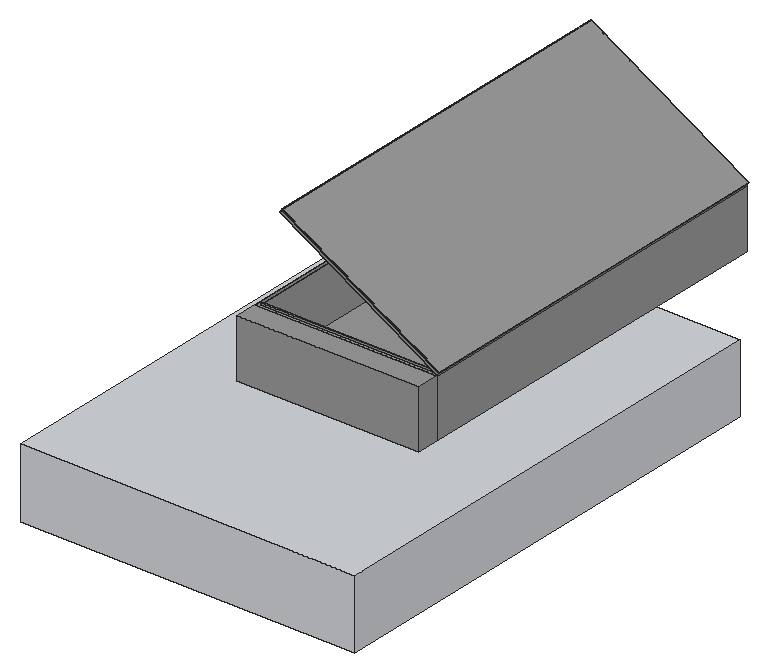
Revit family "Hager-Univers-IP55-D275-H1800-Cl.II-Steel_encl-NoHosted-DE-de", category Equipement électrique, Revit 2020
Family settings
  Hôte = Face
  Configuration du panneau = Deux colonnes, circuits au sein
  Cote de connecteur circulaire = Utiliser le diamètre
  Type d'élément = Tableau de raccordement
  Couper avec des vides une fois chargée = Non
  Partagée = Non
  Point de calcul de pièce = Non
Parameters (values of type "Bodenaufstellung IP55 B800 H1800 T275  - FR13S1")
  Width Control [instance] = if([EF000008 - Breite] > Min Width, [EF000008 - Breite], Min Width)  # 800 mm
  Commentaires du type = [HG000003 - Bereich]  # "Univers"
  Thickness Door [instance] = if([EF009171 - Materialstärke Tür/Deckel] > 3 mm, 3 mm, [EF009171 - Materialstärke Tür/Deckel])  # 1.5 mm
  Seal Frame Offset [instance] = 17 mm  # constant formula
  Plinth Visibility [instance] = [HG000027 - Sockelhöhe] > 0 mm  # yes
  Model = ""
  Min Width [instance] = 100 mm  # constant formula
  Min Height [instance] = 100 mm  # constant formula
  Min Depth [instance] = (2 * [EF009170 - Materialstärke Gehäuse]) + 1 mm  # 4 mm
  Internal Frame Depth [instance] = (Door System Depth * 0.5)  # 9 mm
  Height Control [instance] = if([EF000040 - Höhe] > Min Height, [EF000040 - Höhe], Min Height)  # 1800 mm
  HG000027 - Sockelhöhe = 100 mm
  HG000026 - Stehend auf dem Boden = yes
  HG000024 - Höhe des unteren Teils = 800 mm
  HG000023 - Gehäuse mit doppeltem Querschnitt = no
  HG000016 - 3D-Türsichtbarkeit [instance] = yes
  HG000015 - Sichtbarkeit der Türöffnung [instance] = no
  HG000014 - Tür rechts [instance] = yes
  HG000013 - Tür links [instance] = not([HG000014 - Tür rechts])  # no
  HG000012 - Türschwenkwinkel [instance] = 30.00°
  HG000010 - Asymmetrische Türen = no
  HG000009 - Doppelflügeligen Tür = no
  HG000006 - Unterputz = no
  HG000004 - Herstellerreferenz = "FR13S1"
  HG000003 - Bereich = "Univers"
  HG000002 - Mit tür = yes
  Frame Offset Bottom [instance] = 10 mm  # constant formula
  Frame Offset [instance] = 15 mm  # constant formula
  EF015940 - Deckel mit Überdruckentlastung = no
  EF011959 - Schutzart (NEMA) = ""
  EF009554 - Anzahl der Öffnungen für Flanschplatten = 6
  Fabricant = "Hager"  # constant formula
  EF009212 - Ausführung Deckel = "EV000116 - geschlossen"
  EF009171 - Materialstärke Tür/Deckel = 1.5 mm
  EF009170 - Materialstärke Gehäuse = 1.5 mm
  EF008873 - Nennstrom (In) = 800 A
  EF007800 - Geeignet für Blitzschutz = no
  EF006306 - Mit Schloss = no
  EF006244 - Transparenter Deckel/Tür = no
  EF005474 - Schutzart (IP) = "EV006420 - IP55"
  EF004464 - Art der Tür = "EV002646 - Einzel"
  EF004427 - Anzahl der Module = 396
  EF004293 - Schlagfestigkeit = "EV008784 - IK10"
  EF003532 - Geeignet für Außengebrauch = no
  EF002950 - Breite in Teilungseinheiten = 24
  EF001613 - Funktionserhalt = "EV000494 - ohne"
  EF001596 - Werkstoff des Gehäuses = "EV000179 - Stahl"
  EF001131 - Innentiefe = 275 mm
  EF001088 - Anbaumöglichkeit = yes
  EF000437 - Anzahl der Leitungseinführungen = 6
  EF000339 - Art der Abdeckung = "EV004216 - Tür"
  EF000266 - Anzahl der Reihen = 11
  EF000218 - Einbautiefe = 0 mm
  EF000118 - Mit Montageplatte = no
  EF000116 - RAL-Nummer = "7035"
  EF000049 - Tiefe = 275 mm
  EF000040 - Höhe = 1800 mm
  EF000008 - Breite = 800 mm
  EF000007 - Farbe = "EV000270 - grau"
  EF000003 - Montageart = "EV012274 - Bodenaufstellung"
  Door System Leaf Tolerance [instance] = 1.5 mm  # constant formula
  Door System Depth [instance] = 18 mm  # constant formula
  Door Height [instance] = Height Control - [HG000027 - Sockelhöhe]  # 1700 mm
  Depth Control [instance] = if([EF000049 - Tiefe] > Min Depth, [EF000049 - Tiefe], Min Depth)  # 275 mm
  Default Elevation = 0 mm
  Connector Offset [instance] = Height Control / 2  # 900 mm
  Bottom Top Plate Trim [instance] = 1.5 mm  # constant formula
  Plinth height Ctrl [instance] = if([HG000027 - Sockelhöhe] > 0 mm, [HG000027 - Sockelhöhe], 12 mm)  # 100 mm
Types (5, lengths in mm): name | Width Control | HG000010 - Asymmetrische Türen | HG000009 - Doppelflügeligen Tür | HG000004 - Herstellerreferenz | EF009554 - Anzahl der Öffnungen für Flanschplatten | EF004464 - Art der Tür | EF004427 - Anzahl der Module | EF000437 - Anzahl der Leitungseinführungen | EF000008 - Breite
  Bodenaufstellung IP55 B1050 H1800 T275  - FR14S1 | 1050 | yes | yes | "FR14S1" | 8 | "EV003602 - Doppel" | 528 | 8 | 1050
  Bodenaufstellung IP55 B1300 H1800 T275  - FR15S1 | 1300 | yes | yes | "FR15S1" | 10 | "EV003602 - Doppel" | 660 | 10 | 1300
  Bodenaufstellung IP55 B300 H1800 T275  - FR11S1 | 300 | no | no | "FR11S1" | 2 | "EV002646 - Einzel" | 132 | 2 | 300
  Bodenaufstellung IP55 B550 H1800 T275  - FR12S1 | 550 | no | no | "FR12S1" | 4 | "EV002646 - Einzel" | 264 | 4 | 550
  Bodenaufstellung IP55 B800 H1800 T275  - FR13S1 | 800 | no | no | "FR13S1" | 6 | "EV002646 - Einzel" | 396 | 6 | 800
Reference planes
  plane 1 "Center (Front/Back)": y = 0
  plane 2: z = 0
  plane 3 "Center (Left/Right)": x = 0
  plane 4: z = 275
  plane 5: y = 101.5
  plane 6: y = 950
  plane 7: y = 100
  plane 8: y = 1800
  plane 9: z = 0
  plane 10: x = -385
  plane 11: x = 385
  plane 12: x = 383.5
  plane 13: x = -383.5
  plane 14: y = 1798.5
  plane 15: x = -383
  plane 16: x = -400
  plane 17: x = 383
  plane 18: x = 400
  plane 19: x = 398.5
  plane 20: x = -398.5
  plane 21: y = 111.5
  plane 22: y = 1800
  plane 23: y = 1783.5
  plane 24: z = 257
  plane 25: z = 1.5
  plane 26: z = 255.5
  plane 27: z = 273.5
Forms (mm)
  Extrusion 1, solid
    sketch origin (0, 0, 0) x (1, 0, 0) y (0, 1, 0)
      loop
        line (-702.964, 1305) -> (-702.964, -811.445) -> (766.763, -811.445) -> (766.763, 1305) -> (-702.964, 1305)
    from 0 to -304.8
  Extrusion 2, solid, material "Hager_Steel_RAL7035_Light_Grey", visible <- "Plinth Visibility", detail levels medium+fine
    sketch origin (0, 0, 0) x (1, 0, 0) y (0, 1, 0)
      loop
        line (-400, 0) -> (400, 0) -> (400, 100) -> (-400, 100) -> (-400, 0)
    from 0 to 257
  Extrusion 3, solid, material "Hager_Steel_RAL7035_Light_Grey", detail levels medium+fine
    sketch origin (0, 0, 0) x (1, 0, 0) y (0, 1, 0)
      loop
        line (-400, 100) -> (400, 100) -> (400, 1800) -> (-400, 1800) -> (-400, 100)
    from 0 to 257
  Extrusion 4, void
    sketch origin (0, 0, 0) x (1, 0, 0) y (0, 1, 0)
      loop
        line (-398.5, 101.5) -> (398.5, 101.5) -> (398.5, 1798.5) -> (-398.5, 1798.5) -> (-398.5, 101.5)
    from 1.5 to 255.5
  Extrusion 5, void
    sketch origin (-381.607, -4572, 257) x (0, -1, 0) y (-1, 0, 0)
      loop
        line (-4683.5, 1.893) -> (-6355.5, 1.893) -> (-6355.5, -765.107) -> (-4683.5, -765.107) -> (-4683.5, 1.893)
    from 0 to 1.5 <- "EF009170 - Materialstärke Gehäuse"
  Extrusion 6, solid, material "Hager_Steel_RAL7035_Light_Grey", detail levels fine
    sketch origin (0, 0, 257) x (1, 0, 0) y (0, 1, 0)
      loop
        line (-383.5, 1783.5) -> (-383.5, 111.5) -> (383.5, 111.5) -> (383.5, 1783.5) -> (-383.5, 1783.5)
      loop
        line (-385, 110) -> (385, 110) -> (385, 1785) -> (-385, 1785) -> (-385, 110)
    from 0 to 9 <- "Internal Frame Depth"
  Extrusion 7, solid, material "Hager_Steel_RAL7035_Light_Grey", detail levels coarse
    sketch origin (0, 0, 0) x (1, 0, 0) y (0, 1, 0)
      loop
        line (-400, 0) -> (400, 0) -> (400, 1800) -> (-400, 1800) -> (-400, 0)
    from 0 to 275
  Sweep 8, void
    path in 3D
      loop
        line (-400, 100, 0) -> (400, 100, 0) -> (400, 100, 257) -> (-400, 100, 257) -> (-400, 100, 0)
    profile origin (-400, 100, 128.5) x (-1, 0, 0) y (0, -1, 0)
      loop
        line (0, 0) -> (0, 1.5) -> (-1.5, 1.5)
        arc (-1.5, 1.5) -> (-1.061, 0.439) -> (0, 0) r 1.5
Cuts and joins
  Extrusion 4, Extrusion 5 cuts Extrusion 3
  Sweep 8 cuts Extrusion 2
Lines and regions (mm)
  Masking region 1
    outline origin (0, 0, 0) x (1, 0, 0) y (0, 0, 1)
      loop
        line (-400, 275) -> (-400, 0) -> (400, 0) -> (400, 275) -> (-400, 275)
  Masking region 2, detail levels medium+fine
    outline origin (0, 140, 0) x (0, 1, 0) y (0, 0, 1)
      loop
        line (-40, 0) -> (1660, 0) -> (1660, 257) -> (-40, 257) -> (-40, 0)
  Masking region 3, not visible, detail levels medium+fine
    outline origin (0, 297.922, 0) x (0, 1, 0) y (0, 0, 1)
      loop
        line (663.578, 0) -> (703.578, 0) -> (703.578, 263.5)
        arc (703.578, 263.5) -> (700.649, 270.571) -> (693.578, 273.5) r 10
        line (693.578, 273.5) -> (663.578, 273.5) -> (663.578, 0)
  Masking region 4, detail levels coarse
    outline origin (0, 0, 180) x (0, 1, 0) y (0, 0, 1)
      loop
        line (0, -180) -> (1800, -180) -> (1800, 95) -> (0, 95) -> (0, -180)
  Masking region 5, visible <- "Plinth Visibility", detail levels medium+fine
    outline origin (0, 52.24, 12.345) x (0, 0, -1) y (0, 1, 0)
      loop
        line (10.845, 47.76) -> (-243.155, 47.76)
        arc (-243.155, 47.76) -> (-243.594, 46.699) -> (-244.655, 46.26) r 1.5
        line (-244.655, 46.26) -> (-244.655, -52.24) -> (12.345, -52.24) -> (12.345, 46.26)
        arc (12.345, 46.26) -> (11.285, 46.699) -> (10.845, 47.76) r 1.5
  Masking region 6, detail levels medium+fine
    outline origin (-381.607, -4572, 257) x (-1, 0, 0) y (0, -1, 0)
      loop
        line (18.393, -6372) -> (18.393, -4672) -> (-781.607, -4672) -> (-781.607, -6372) -> (18.393, -6372)
  Masking region 7, visible <- "Plinth Visibility", detail levels medium+fine
    outline origin (-381.607, -4727, 257) x (-1, 0, 0) y (0, -1, 0)
      loop
        arc (16.893, -4827) -> (17.332, -4825.939) -> (18.393, -4825.5) r 1.5
        line (18.393, -4825.5) -> (18.393, -4727) -> (-781.607, -4727) -> (-781.607, -4825.5)
        arc (-781.607, -4825.5) -> (-780.546, -4825.939) -> (-780.107, -4827) r 1.5
        line (-780.107, -4827) -> (16.893, -4827)
  Masking region 8, detail levels coarse
    outline origin (-442.548, -4669.526, 257) x (-1, 0, 0) y (0, -1, 0)
      loop
        line (-42.548, -6469.526) -> (-42.548, -4669.526) -> (-842.548, -4669.526) -> (-842.548, -6469.526) -> (-42.548, -6469.526)
  sketch lines
    curve 1: line (-400, 100, 257) -> (-400, 100, 0)
    curve 2: line (400, 100, 257) -> (-400, 100, 257)
    curve 3: line (400, 100, 257) -> (400, 100, 0)
    curve 4: line (-400, 100, 0) -> (400, 100, 0)
Dimensions and locks
  "Depth Control": plane 4 to Extrusion 1
  "HG000027 - Sockelhöhe": plane 1 "Center (Front/Back)" to plane 7
  "EF009170 - Materialstärke Gehäuse": plane 5 to plane 7
  locked: connector elem to plane 3 "Center (Left/Right)"
  equal spacing: plane 8, plane 6, plane 7
  locked: connector elem to plane 6
  "EF009170 - Materialstärke Gehäuse": plane 8 to plane 14
  "EF009170 - Materialstärke Gehäuse": plane 10 to plane 13
  "EF009170 - Materialstärke Gehäuse": plane 12 to plane 11
  "Frame Offset": plane 20 to plane 13
  "Frame Offset": plane 12 to plane 19
  "EF009170 - Materialstärke Gehäuse": plane 16 to plane 20
  "EF009170 - Materialstärke Gehäuse": plane 19 to plane 18
  "Seal Frame Offset": plane 16 to plane 15
  "Seal Frame Offset": plane 17 to plane 18
  "Frame Offset Bottom": plane 21 to plane 5
  "Frame Offset": plane 14 to plane 23
  equal spacing: plane 16, plane 3 "Center (Left/Right)", plane 18
  "Width Control": plane 16 to plane 18
  "EF009170 - Materialstärke Gehäuse": plane 4 to plane 27
  "EF009170 - Materialstärke Gehäuse": plane 24 to plane 26
  "EF009170 - Materialstärke Gehäuse": plane 25 to level
  "Door System Depth": plane 4 to plane 24
  "Height Control": plane 1 "Center (Front/Back)" to Extrusion 7 sketch curve
  "Height Control": Masking region 4 sketch curve to plane 1 "Center (Front/Back)"
  "Height Control": plane 1 "Center (Front/Back)" to plane 22
  "Bottom Top Plate Trim": profile plane to Sweep 8 sketch curve
  "Bottom Top Plate Trim": Sweep 8 sketch curve to profile plane
  "Plinth height Ctrl": plane 1 "Center (Front/Back)" to Extrusion 2 sketch curve
  "Plinth height Ctrl": Masking region 5 sketch curve to plane 1 "Center (Front/Back)"
  "Plinth height Ctrl": plane 1 "Center (Front/Back)" to Masking region 7 sketch curve
  "Thickness Door": Extrusion 6 sketch curve to Extrusion 6 sketch curve  (x3)
  "Thickness Door": cut or joined group of Extrusion 3, Extrusion 4, Extrusion 5 to Extrusion 6 sketch curve
  radius of Masking region 3 sketch curve = 10 mm
  "Bottom Top Plate Trim": radius of Masking region 5 sketch curve  (x2)
  "Bottom Top Plate Trim": radius of Sweep 8 sketch curve
  "Bottom Top Plate Trim": radius of Masking region 7 sketch curve  (x2)
  aligned and locked: plane 2 to Extrusion 1
  aligned and locked: level to Extrusion 1
  aligned and locked: level to Masking region 1 sketch curve
  aligned and locked: Masking region 1 sketch curve to plane 18
  aligned and locked: Masking region 1 sketch curve to plane 16
  aligned and locked: plane 7 to Masking region 2 sketch curve
  aligned and locked: level to Masking region 3 sketch curve
  aligned and locked: Masking region 3 sketch curve to plane 27
  aligned and locked: level to Masking region 2 sketch curve
  aligned and locked: plane 1 "Center (Front/Back)" to Extrusion 2 sketch curve
  aligned and locked: Extrusion 3 sketch curve to plane 7
  aligned and locked: plane 16 to Extrusion 3 sketch curve
  aligned and locked: plane 18 to Extrusion 3 sketch curve
  aligned and locked: plane 20 to Extrusion 4 sketch curve
  aligned and locked: plane 19 to Extrusion 4 sketch curve
  aligned and locked: Extrusion 4 sketch curve to plane 5
  aligned and locked: Extrusion 4 to plane 25
  aligned and locked: plane 26 to Extrusion 4
  aligned and locked: plane 24 to Extrusion 3
  aligned and locked: Extrusion 5 sketch curve to plane 21
  aligned and locked: Extrusion 5 sketch curve to plane 13
  aligned and locked: Extrusion 5 sketch curve to plane 12
  aligned and locked: plane 18 to Extrusion 7 sketch curve
  aligned and locked: plane 1 "Center (Front/Back)" to Extrusion 7 sketch curve
  aligned and locked: plane 16 to Extrusion 7 sketch curve
  aligned and locked: plane 4 to Extrusion 7
  aligned and locked: Extrusion 7 to level
  aligned and locked: level to Masking region 4 sketch curve
  aligned and locked: Masking region 4 sketch curve to plane 1 "Center (Front/Back)"
  aligned and locked: Masking region 4 sketch curve to plane 4
  aligned and locked: nested 1 to level
  aligned and locked: nested 1 to plane 16
  aligned and locked: plane 8 to Extrusion 3 sketch curve
  aligned and locked: plane 23 to Extrusion 5 sketch curve
  aligned and locked: plane 14 to Extrusion 4 sketch curve
  aligned and locked: Masking region 2 sketch curve to plane 8
  aligned and locked: level to Masking region 5 sketch curve
  aligned and locked: plane 16 to Extrusion 2 sketch curve
  aligned and locked: plane 18 to Extrusion 2 sketch curve
  aligned and locked: Masking region 5 sketch curve to plane 24
  aligned and locked: Masking region 2 sketch curve to plane 24
  aligned and locked: plane 24 to Extrusion 2
  aligned and locked: profile plane to Sweep 8 sketch curve  (x2)
  aligned and locked: Masking region 6 sketch curve to plane 18
  aligned and locked: Masking region 6 sketch curve to plane 22
  aligned and locked: Masking region 6 sketch curve to plane 16
  aligned and locked: plane 8 to plane 22
  aligned and locked: Masking region 6 sketch curve to plane 7
  aligned and locked: Masking region 7 sketch curve to plane 16
  aligned and locked: Masking region 7 sketch curve to plane 1 "Center (Front/Back)"
  aligned and locked: Masking region 7 sketch curve to plane 18
  aligned and locked: Masking region 8 sketch curve to plane 1 "Center (Front/Back)"
  aligned and locked: Masking region 8 sketch curve to plane 18
  aligned and locked: Masking region 8 sketch curve to plane 22
  aligned and locked: Masking region 8 sketch curve to plane 16
  aligned and locked: nested 2 to plane 7
  aligned and locked: plane 3 "Center (Left/Right)" to nested 2
  aligned and locked: nested 2 to plane 24
  aligned and locked: Extrusion 6 sketch curve to cut or joined group of Extrusion 3, Extrusion 4, Extrusion 5  (x4)
Automatic sketch dimensions
  Extrusion 1 sketch curve to Extrusion 1 sketch curve = 1469.727 mm
  Extrusion 1 sketch curve to Extrusion 1 sketch curve = 2116.445 mm
  Masking region 1 sketch curve to plane 4 = 0 mm
  plane 6 to Masking region 3 sketch curve = 11.5 mm
  Masking region 3 sketch curve to Masking region 3 sketch curve = 30 mm
  Masking region 5 sketch curve to plane 1 "Center (Front/Back)" = 0 mm
Nested families
  nested 1: "Hager_Enclosure_Symbol" at (-400, 0, 0) x (1, 0, 0) z (0, -1, 0), Height <- "Depth Control", Width <- "Width Control", type "Hager_Enclosure_Symbol"
    with Width_Ctrl 800 mm, Width 800 mm, Height_Ctrl 275 mm, Height 275 mm, A_Width_Int 18.047 mm, A_Width 216.562 mm, A_Height_Ctrl 240.625 mm, A_Height 240.625 mm
  nested 2: "EC000058_Univers_Door" at (0, 100, 257) x (1, 0, 0) z (0, 1, 0), Leaf_Tolerance <- "Door System Leaf Tolerance", Angle <- "HG000012 - Türschwenkwinkel", Door_Depth <- "Door System Depth", Door_Left <- "HG000013 - Tür links", Transparent <- "EF006244 - Transparenter Deckel/Tür", Assymetrical <- "HG000010 - Asymmetrische Türen", Width <- "Width Control", Clearance <- "HG000015 - Sichtbarkeit der Türöffnung", Double <- "HG000009 - Doppelflügeligen Tür", 3d_Door <- "HG000016 - 3D-Türsichtbarkeit", Lock_Visibility <- "EF006306 - Mit Schloss", Width_Ctrl <- "Width Control", Door_Right <- "HG000014 - Tür rechts", Door <- "HG000002 - Mit tür", Height <- "Door Height", Thickness <- "Thickness Door", type "EC000058_Univers_Door", detail levels medium+fine
    with min_wh 4 mm, Width_Ctrl 800 mm, Width 800 mm, Transparent no, Thickness 1.5 mm, Seal_Material Hager_Rubber, Lock_Visibility no, Lock_Material Hager_Plastic_RAL9005_Jet_Black, Leaf_Width 800 mm, Leaf_Tolerance_External_Sides 0 mm, Leaf_Tolerance 1.5 mm, Leaf_Offset 0 mm, Leaf_Height 1697 mm, Leaf_2_Width 800 mm, Leaf_2_Offset 400 mm, Leaf_1_Width 800 mm, Leaf_1_Offset 400 mm, Height_Ctrl 1700 mm, Height 1700 mm, Glass_Material Hager_Glass, Double_Clearance_Ctrl no, Double no, Door_Right_Ctrl yes, Door_Right yes, Door_Material Hager_Steel_RAL7035_Light_Grey, Door_Left_Ctrl no, Door_Left no, Door_Depth 18 mm, Door yes, Clearance_Material Hager_Clearance, Clearance_Depth 800 mm, Clearance_Ctrl no, Clearance no, Assymetrical no, Angle 30.00°, 3d_Door yes
Connectors
  electrical at (0, 950, 0)
    settings: on plane 9, index 1, voltage 0 V, apparent load 0 VA, apparent load phase1 0 VA, apparent load phase2 0 VA, apparent load phase3 0 VA, power factor 1, load classification "Other", number of poles 1, system type 30, power factor state 1, is connector primary yes, connector utility no, sub classification motor no, connector description ""
Definition of nested family "EC000058_Univers_Door"
  Parameters (values of type "EC000058_Univers_Door")
    min_wh [instance] = (2 * Thickness) + 1 mm  # 11 mm
    Width_Ctrl [instance] = 400 mm
    Width [instance] = 500 mm
    Transparent [instance] = yes
    Thickness [instance] = 5 mm
    Seal_Material [instance] = none
    Lock_Visibility [instance] = yes
    Lock_Material [instance] = none
    Leaf_Width [instance] = if((Width_Ctrl - 2 * Leaf_Tolerance_External_Sides) > 0 mm, (Width_Ctrl - 2 * Leaf_Tolerance_External_Sides), min_wh)  # 400 mm
    Leaf_Tolerance_External_Sides [instance] = 0 mm  # constant formula
    Leaf_Tolerance [instance] = 1.5 mm
    Leaf_Offset [instance] = 0 mm  # constant formula
    Leaf_Height [instance] = if((Height_Ctrl - 2 * Leaf_Tolerance) > 0 mm, (Height_Ctrl - 2 * Leaf_Tolerance), min_wh)  # 497 mm
    Leaf_2_Width [instance] = if(and(and(Double, Assymetrical), Door_Left), (Leaf_Width / 3) - (Leaf_Tolerance / 2), if(and(and(Double, Assymetrical), Door_Right), (Leaf_Width / 3) * 2 - (Leaf_Tolerance / 2), if(and(Double, not(Assymetrical)), (Leaf_Width / 2) - Leaf_Tolerance, Leaf_Width)))  # 400 mm
    Leaf_2_Offset [instance] = if(and(Double, Assymetrical), Leaf_2_Width / 2, if(and(Double, not(Assymetrical)), Leaf_Width / 4, Leaf_Width / 2))  # 200 mm
    Leaf_1_Width [instance] = if(and(and(Double, Assymetrical), Door_Right), (Leaf_Width / 3) - (Leaf_Tolerance / 2), if(and(and(Double, Assymetrical), Door_Left), (Width / 3) * 2 - (Leaf_Tolerance / 2), if(and(Double, not(Assymetrical)), (Leaf_Width / 2) - Leaf_Tolerance, Leaf_Width)))  # 400 mm
    Leaf_1_Offset [instance] = if(and(Double, Assymetrical), Leaf_1_Width / 2, if(and(Double, not(Assymetrical)), Leaf_Width / 4, Leaf_Width / 2))  # 200 mm
    Height_Ctrl [instance] = if(Height > min_wh, Height, min_wh)  # 500 mm
    Height [instance] = 500 mm
    Glass_Material [instance] = none
    Double_Clearance_Ctrl [instance] = and(Double, Clearance)  # no
    Double [instance] = no
    Door_Right_Ctrl [instance] = and(or(Door_Right, Double), Door)  # yes
    Door_Right [instance] = yes
    Door_Material [instance] = none
    Door_Left_Ctrl [instance] = and(or(Door_Left, Double), Door)  # no
    Door_Left [instance] = no
    Door_Depth [instance] = 30 mm
    Door [instance] = yes
    Default Elevation = 1219.2 mm
    Clearance_Material [instance] = none
    Clearance_Depth [instance] = if(Leaf_1_Width > Leaf_2_Width, Leaf_1_Width, Leaf_2_Width)  # 400 mm
    Clearance_Ctrl [instance] = and(not(Double), Clearance)  # yes
    Clearance [instance] = yes
    Assymetrical [instance] = yes
    Angle [instance] = 30.00°
    3d_Door [instance] = yes
  Reference planes
    plane 1 "Center (Front/Back)": y = 0
    plane 2 "Bottom": z = 0
    plane 3 "Center (Left/Right)": x = 0
    plane 4: z = 500
    plane 5: x = -200
    plane 6: x = 200
    plane 7: z = 500
    plane 8: x = -200
    plane 9: z = 0
    plane 10: x = 200
    plane 11: y = 0
    plane 12: z = 1.5
    plane 13: x = -600
    plane 14: y = -400
    plane 15: x = 600
    plane 16: x = 0
    plane 17: x = 0
    plane 18: x = -200
    plane 19: x = 200
    plane 20: z = 498.5
  Forms (mm)
    Extrusion 1, solid, material <- "Clearance_Material", visible <- "Double_Clearance_Ctrl"
      sketch origin (1200, 0, 0) x (1, 0, 0) y (0, 0, -1)
        loop
          line (-1800, -498.5) -> (-600, -498.5) -> (-600, 0) -> (-1800, 0) -> (-1800, -498.5)
      from 0 to -400
  Dimensions and locks
    equal spacing: plane 5, plane 3 "Center (Left/Right)", plane 6
    "Width_Ctrl": plane 5 to plane 6
    "Leaf_Offset": plane 5 to plane 8
    "Leaf_Offset": plane 6 to plane 10
    "Leaf_Offset": plane 9 to level
    "Leaf_Offset": plane 4 to plane 7
    "Height_Ctrl": plane 4 to level
    "Leaf_Tolerance": plane 12 to plane 9
    locked: plane 11 to plane 1 "Center (Front/Back)"
    "Leaf_1_Offset": plane 18 to plane 16
    "Leaf_2_Offset": plane 17 to plane 19
    "Leaf_1_Width": plane 13 to plane 8
    "Leaf_2_Width": plane 10 to plane 15
    "Clearance_Depth": plane 14 to plane 1 "Center (Front/Back)"
    "Leaf_Tolerance_External_Sides": plane 8 to plane 18
    "Leaf_Tolerance_External_Sides": plane 19 to plane 10
    "Leaf_Tolerance": plane 7 to plane 20
    aligned and locked: level to plane 2 "Bottom"
    aligned and locked: nested 1 to plane 16
    aligned and locked: nested 2 to plane 17
    aligned and locked: Extrusion 1 to plane 13
    aligned and locked: plane 15 to Extrusion 1
    aligned and locked: Extrusion 1 to plane 14
    aligned and locked: plane 12 to nested 1
    aligned and locked: nested 2 to plane 12
    aligned and locked: Extrusion 1 to plane 11
    aligned and locked: plane 20 to Extrusion 1
    aligned and locked: nested 2 to plane 11
    aligned and locked: nested 1 to plane 11
  Automatic sketch dimensions
    Extrusion 1 sketch curve to level = 0 mm
    plane 5 to Extrusion 1 sketch curve = 400 mm
    plane 6 to Extrusion 1 sketch curve = 400 mm
    Extrusion 1 sketch curve to plane 4 = 1.5 mm
  Nested families
    nested 1: "EC000058_Univers_Door_Leaf" at (0, 0, 1.5), Width <- "Leaf_1_Width", visible <- "Door_Left_Ctrl", Leaf_Height <- "Leaf_Height", Angle <- "Angle", 3d_Door <- "3d_Door", Transparent <- "Transparent", Clearance Material <- "Clearance_Material", Clearance <- "Clearance_Ctrl", Door_Material <- "Door_Material", Glass_Material <- "Glass_Material", Door_Depth <- "Door_Depth", Lock_Material <- "Lock_Material", Seal_Material <- "Seal_Material", Lock_Visibility <- "Lock_Visibility", Thickness <- "Thickness", type "EC000058_Univers_Door_Leaf"
      with Width 400 mm, Transparent_Glass_Offset 30 mm, Transparent_Ctrl yes, Transparent yes, Thickness 5 mm, Standard no, Seal_Material none, Seal_D2 8 mm, Seal_D1 1 mm, Offset_Internal_Frame 10 mm, Lock_Width 20 mm, Lock_Visibility_3d yes, Lock_Visibility yes, Lock_Thickness_3 3 mm, Lock_Thickness_2 1 mm, Lock_Thickness_1 3 mm, Lock_Radius_Offset_2 16 mm, Lock_Radius_Offset_1 15 mm, Lock_Radius_2 5 mm, Lock_Radius 6 mm, Lock_Offset 5 mm, Lock_Material none, Lock_Height 80 mm, Lock_Cover_Top_Offset_2d 17 mm, Lock_Cover_Height -65 mm, Leaf_Height 497 mm, Internal_Seal_Thickness 8 mm, Internal_Seal_Depth_2 4.5 mm, Internal_Frame_Depth 25 mm, Glass_Thickness -1 mm, Glass_Offset -2 mm, Glass_Material none, Door_Material none, Door_Depth 30 mm, Clearance Material none, Clearance yes, Angle_Ctrl 30.00°, Angle 30.00°, 3d_Door yes
    nested 2: "EC000058_Univers_Door_Leaf" at (0, 0, 1.5) x (-1, 0, 0) z (0, 0, 1), Width <- "Leaf_2_Width", visible <- "Door_Right_Ctrl", Leaf_Height <- "Leaf_Height", Angle <- "Angle", 3d_Door <- "3d_Door", Transparent <- "Transparent", Clearance Material <- "Clearance_Material", Clearance <- "Clearance_Ctrl", Door_Material <- "Door_Material", Glass_Material <- "Glass_Material", Door_Depth <- "Door_Depth", Lock_Material <- "Lock_Material", Seal_Material <- "Seal_Material", Lock_Visibility <- "Lock_Visibility", Thickness <- "Thickness", type "EC000058_Univers_Door_Leaf"
      with Width 400 mm, Transparent_Glass_Offset 30 mm, Transparent_Ctrl yes, Transparent yes, Thickness 5 mm, Standard no, Seal_Material none, Seal_D2 8 mm, Seal_D1 1 mm, Offset_Internal_Frame 10 mm, Lock_Width 20 mm, Lock_Visibility_3d yes, Lock_Visibility yes, Lock_Thickness_3 3 mm, Lock_Thickness_2 1 mm, Lock_Thickness_1 3 mm, Lock_Radius_Offset_2 16 mm, Lock_Radius_Offset_1 15 mm, Lock_Radius_2 5 mm, Lock_Radius 6 mm, Lock_Offset 5 mm, Lock_Material none, Lock_Height 80 mm, Lock_Cover_Top_Offset_2d 17 mm, Lock_Cover_Height -65 mm, Leaf_Height 497 mm, Internal_Seal_Thickness 8 mm, Internal_Seal_Depth_2 4.5 mm, Internal_Frame_Depth 25 mm, Glass_Thickness -1 mm, Glass_Offset -2 mm, Glass_Material none, Door_Material none, Door_Depth 30 mm, Clearance Material none, Clearance yes, Angle_Ctrl 30.00°, Angle 30.00°, 3d_Door yes
  Definition of nested family "EC000058_Univers_Door_Leaf"
    Parameters (values of type "EC000058_Univers_Door_Leaf")
      Width [instance] = 2000 mm
      Transparent_Glass_Offset [instance] = 30 mm
      Transparent_Ctrl [instance] = and(Transparent, [3d_Door])  # yes
      Transparent [instance] = yes
      Thickness [instance] = 5 mm
      Standard [instance] = and(not(Transparent), [3d_Door])  # no
      Seal_Material [instance] = none
      Seal_D2 [instance] = 8 mm  # constant formula
      Seal_D1 [instance] = 1 mm  # constant formula
      Offset_Internal_Frame [instance] = 10 mm  # constant formula
      Lock_Width [instance] = 20 mm  # constant formula
      Lock_Visibility_3d [instance] = and(Lock_Visibility, [3d_Door])  # yes
      Lock_Visibility [instance] = yes
      Lock_Thickness_3 [instance] = 3 mm  # constant formula
      Lock_Thickness_2 [instance] = 1 mm  # constant formula
      Lock_Thickness_1 [instance] = 3 mm  # constant formula
      Lock_Radius_Offset_2 [instance] = Lock_Radius_Offset_1 + 1 mm  # 16 mm
      Lock_Radius_Offset_1 [instance] = 15 mm  # constant formula
      Lock_Radius_2 [instance] = Lock_Radius - 1 mm  # 5 mm
      Lock_Radius [instance] = 6 mm  # constant formula
      Lock_Offset [instance] = 5 mm  # constant formula
      Lock_Material [instance] = none
      Lock_Height [instance] = 80 mm  # constant formula
      Lock_Cover_Top_Offset_2d [instance] = Lock_Radius_Offset_2 + 1 mm  # 17 mm
      Lock_Cover_Height [instance] = -(Lock_Height - Lock_Radius_Offset_1)  # -65 mm
      Leaf_Height [instance] = 2720.336 mm
      Internal_Seal_Thickness [instance] = 8 mm  # constant formula
      Internal_Seal_Depth_2 [instance] = 4.5 mm  # constant formula
      Internal_Frame_Depth [instance] = if(Door_Depth - Thickness > 5 mm, Door_Depth - Thickness, 5 mm)  # 25 mm
      Glass_Thickness [instance] = if(Thickness > 15 mm, Glass_Offset + 10 mm, -1 mm)  # -1 mm
      Glass_Offset [instance] = if(Thickness > 15 mm, -(Thickness + 10 mm) / 2, -2 mm)  # -2 mm
      Glass_Material [instance] = none
      Door_Material [instance] = none
      Door_Depth [instance] = 30 mm
      Default Elevation = 0 mm
      Clearance Material [instance] = none
      Clearance [instance] = yes
      Angle_Ctrl [instance] = if(Angle > 180.00°, 180.00°, Angle)  # 90.00°
      Angle [instance] = 90.00°
      3d_Door [instance] = yes
    Reference planes
      plane 1 "Center (Front/Back)": y = 0
      plane 2: z = 0
      plane 3 "Center (Left/Right)": x = 0
      plane 4: y = 2000
      plane 5: x = -1000
      plane 6: x = 1000
      plane 7: x = -3000
      plane 8: z = 2720.336
      plane 9: z = 30
      plane 10: z = 2690.336
      plane 11: x = 970
      plane 12: x = -970
      plane 13: y = -3
      plane 14: z = 107.833
      plane 15: y = -5
      plane 16: y = -223.314
      plane 17: x = -1000
      plane 18: z = 1360.168
      plane 19: y = 30
    Forms (mm)
      Extrusion 1, solid, material <- "Clearance Material", visible <- "Clearance"
        sketch origin (0, 0, 0) x (1, 0, 0) y (0, 0, 1)
          loop
            line (-3000, 2720.336) -> (-3000, 0) -> (1000, 0) -> (1000, 2720.336) -> (-3000, 2720.336)
        from 0 to -2000
      Extrusion 2, solid, material <- "Door_Material", visible <- "Standard", detail levels medium+fine
        sketch origin (-1000, 0, 0) x (0, 1, 0) y (-1, 0, 0)
          loop
            line (0, 30) -> (0, 25) -> (2000, 25) -> (2000, 30) -> (0, 30)
        from 0 to 2720.336 <- "Leaf_Height"
      Extrusion 3, solid, material <- "Door_Material", visible <- "Transparent_Ctrl", detail levels medium+fine
        sketch origin (-1000, 0, 0) x (0, 1, 0) y (-1, 0, 0)
          loop
            line (0, 25) -> (2000, 25) -> (2000, 30) -> (0, 30) -> (0, 25)
        from 0 to 2720.336 <- "Leaf_Height"
      Extrusion 4, void
        sketch origin (-1025, 2000, 0) x (0, 1, 0) y (0, 0, -1)
          loop
            line (-30, -2690.336) -> (-30, -30) -> (-1970, -30) -> (-1970, -2690.336) -> (-30, -2690.336)
        from 0 to 5 <- "Thickness"
      Sweep 5, solid, material <- "Seal_Material", visible <- "Transparent_Ctrl", detail levels fine
        path in 3D
          loop
            line (-1025, 30, 30) -> (-1025, 30, 2690.336) -> (-1025, 1970, 2690.336) -> (-1025, 1970, 30) -> (-1025, 30, 30)
        profile origin (-1025, 1000, 30) x (1, 0, 0) y (0, 0, 1)
          loop
            line (0, 0) -> (0, -8) -> (1, -8) -> (1, 0) -> (0, 0)
      Extrusion 6, solid, material <- "Glass_Material", visible <- "Transparent_Ctrl", detail levels medium+fine
        sketch origin (-1030, 0, 0) x (0, 1, 0) y (0, 0, -1)
          loop
            line (1970, -2690.336) -> (1970, -30) -> (30, -30) -> (30, -2690.336) -> (1970, -2690.336)
        from -2 <- "Glass_Offset" to -1 <- "Glass_Thickness"
      Extrusion 7, solid, material <- "Door_Material", visible <- "3d_Door", detail levels medium+fine
        sketch origin (-1025, 2000, 0) x (0, -1, 0) y (0, 0, -1)
          loop
            line (0, -2720.336) -> (2000, -2720.336) -> (2000, 0) -> (0, 0) -> (0, -2720.336)
          loop
            line (1995, -5) -> (5, -5) -> (5, -2715.336) -> (1995, -2715.336) -> (1995, -5)
        from 0 to 25 <- "Internal_Frame_Depth"
      Sweep 8, solid, material <- "Seal_Material", visible <- "Transparent_Ctrl", detail levels fine
        path in 3D
          loop
            line (-1025, 0, 0) -> (-1025, 2000, 0) -> (-1025, 2000, 2720.336) -> (-1025, 0, 2720.336) -> (-1025, 0, 0)
        profile origin (-1025, 0, 1360.168) x (1, 0, 0) y (0, 1, 0)
          loop
            line (0, 10) -> (2.975, 10)
            arc (2.975, 10) -> (4.053, 10.447) -> (4.5, 11.525) r 1.525
            line (4.5, 11.525) -> (4.5, 16.527)
            arc (4.5, 16.527) -> (4.069, 17.569) -> (3.027, 18) r 1.473
            line (3.027, 18) -> (0, 18) -> (0, 10)
      Extrusion 9, solid, material <- "Lock_Material", visible <- "Lock_Visibility_3d", detail levels fine
        sketch origin (-1030, 0, 0) x (0, 1, 0) y (0, 0, -1)
          loop
            arc (1993.5, -1400.168) -> (1994.561, -1399.729) -> (1995, -1398.668) r 1.5
            line (1995, -1398.668) -> (1995, -1320.168) -> (1975, -1320.168) -> (1975, -1398.668)
            arc (1975, -1398.668) -> (1975.439, -1399.729) -> (1976.5, -1400.168) r 1.5
            line (1976.5, -1400.168) -> (1993.5, -1400.168)
        from 3 <- "Lock_Thickness_1" to 0
      Blend 10, solid, material <- "Lock_Material", visible <- "Lock_Visibility_3d", detail levels fine
        base sketch origin (-1033, 0, 0) x (0, 1, 0) y (0, 0, -1)
          loop
            line (1975, -1320.168) -> (1975, -1398.668)
            arc (1975, -1398.668) -> (1975.439, -1399.729) -> (1976.5, -1400.168) r 1.5
            line (1976.5, -1400.168) -> (1993.5, -1400.168)
            arc (1993.5, -1400.168) -> (1994.561, -1399.729) -> (1995, -1398.668) r 1.5
            line (1995, -1398.668) -> (1995, -1320.168) -> (1975, -1320.168)
        top sketch origin (-1033, 0, 0) x (0, 1, 0) y (0, 0, -1)
          loop
            line (1976, -1320.168) -> (1976, -1398.668)
            arc (1976, -1398.668) -> (1976.146, -1399.022) -> (1976.5, -1399.168) r 0.5
            line (1976.5, -1399.168) -> (1993.5, -1399.168)
            arc (1993.5, -1399.168) -> (1993.854, -1399.022) -> (1994, -1398.668) r 0.5
            line (1994, -1398.668) -> (1994, -1320.168) -> (1976, -1320.168)
        from 0 to 1 <- "Lock_Thickness_2"
      Blend 11, solid, material <- "Lock_Material", visible <- "Lock_Visibility_3d", detail levels fine
        base sketch origin (-1034, 0, 0) x (0, 1, 0) y (0, 0, -1)
          loop
            line (1978, -1320.168) -> (1978, -1384.168)
            arc (1978, -1384.168) -> (1985, -1391.168) -> (1992, -1384.168) r 7
            line (1992, -1384.168) -> (1992, -1320.168) -> (1978, -1320.168)
        top sketch origin (-1034, 0, 0) x (0, 1, 0) y (0, 0, -1)
          loop
            line (1991, -1320.168) -> (1979, -1320.168) -> (1979, -1383.168)
            arc (1979, -1383.168) -> (1985, -1389.168) -> (1991, -1383.168) r 6
            line (1991, -1383.168) -> (1991, -1320.168)
        from 0 to 3 <- "Lock_Thickness_3"
      Extrusion 12, solid, material <- "Lock_Material", visible <- "Lock_Visibility_3d", detail levels fine
        sketch origin (-1030, 1975, 1320.168) x (1, 0, 0) y (0, -1, 0)
          loop
            line (-7, -19) -> (-7, -1) -> (0, -1) -> (0, 0) -> (-8, 0) -> (-8, -20) -> (0, -20) -> (0, -19) -> (-7, -19)
        from 0 to -65 <- "Lock_Cover_Height"
      Extrusion 13, void
        sketch origin (-1038, 1995, 1320.168) x (-1, 0, 0) y (0, 0, -1)
          loop
            line (-5, -65) -> (0, -65) -> (-5, -60) -> (-5, -65)
        from 0 to 20 <- "Lock_Width"
      Extrusion 14, void
        sketch origin (-1038, 1975, 1320.168) x (0, -1, 0) y (0, 0, -1)
          loop
            circle (-10, -15.995) r 6
          loop
            circle (-10, -15.995) r 5
        from 0 to 2
      Extrusion 15, solid, material <- "Lock_Material", visible <- "Lock_Visibility_3d", detail levels medium
        sketch origin (-1030, 0, 0) x (0, 1, 0) y (0, 0, -1)
          loop
            arc (1993.5, -1400.168) -> (1994.561, -1399.729) -> (1995, -1398.668) r 1.5
            line (1995, -1398.668) -> (1995, -1320.168) -> (1975, -1320.168) -> (1975, -1398.668)
            arc (1975, -1398.668) -> (1975.439, -1399.729) -> (1976.5, -1400.168) r 1.5
            line (1976.5, -1400.168) -> (1993.5, -1400.168)
        from 8 to 0
    Cuts and joins
      Extrusion 4 cuts Extrusion 3
      Extrusion 13, Extrusion 14 cuts Extrusion 9
      Extrusion 14 cuts Blend 11
      Extrusion 13, Extrusion 14 cuts Extrusion 12
      joined: Extrusion 9, Blend 10, Blend 11, Extrusion 12
      Extrusion 14 cuts Extrusion 15
    Lines and regions (mm)
      Masking region 1, visible <- "Lock_Visibility", detail levels fine
        outline origin (0, 0, 0) x (0, 1, 0) y (0, 0, 1)
          loop
            line (30, 1320.168) -> (33, 1320.168) -> (33, 1400.168) -> (30, 1400.168) -> (30, 1320.168)
      Masking region 2, visible <- "Lock_Visibility", detail levels fine
        outline origin (0, 3.143, 0) x (0, 1, 0) y (0, 0, 1)
          loop
            line (29.857, 1354.168) -> (30.857, 1354.168) -> (30.857, 1366.168) -> (29.857, 1366.168) -> (29.857, 1354.168)
      Masking region 3, detail levels medium+fine
        outline origin (0, 0, 0) x (0, 1, 0) y (0, 0, 1)
          loop
            line (0, 0) -> (30, 0) -> (30, 2720.336) -> (0, 2720.336) -> (0, 0)
      Masking region 4, detail levels medium+fine
        outline origin (0, 0, 0) x (1, 0, 0) y (0, 0, 1)
          loop
            line (-1000, 2720.336) -> (-1000, 0) -> (1000, 0) -> (1000, 2720.336) -> (-1000, 2720.336)
      Masking region 5, visible <- "Lock_Visibility", detail levels fine
        outline origin (-47.116, 0, 0) x (1, 0, 0) y (0, 0, 1)
          loop
            arc (1024.616, 1399.168) -> (1023.556, 1398.729) -> (1023.116, 1397.668) r 1.5
            line (1023.116, 1397.668) -> (1023.116, 1320.168) -> (1041.116, 1320.168) -> (1041.116, 1397.668)
            arc (1041.116, 1397.668) -> (1040.677, 1398.729) -> (1039.616, 1399.168) r 1.5
            line (1039.616, 1399.168) -> (1024.616, 1399.168)
      Masking region 6, visible <- "Lock_Visibility", detail levels medium+fine
        outline origin (-25, 0, 0) x (1, 0, 0) y (0, 0, 1)
          loop
            arc (1001.5, 1400.168) -> (1000.439, 1399.729) -> (1000, 1398.668) r 1.5
            line (1000, 1398.668) -> (1000, 1320.168) -> (1020, 1320.168) -> (1020, 1398.668)
            arc (1020, 1398.668) -> (1019.561, 1399.729) -> (1018.5, 1400.168) r 1.5
            line (1018.5, 1400.168) -> (1001.5, 1400.168)
      Masking region 7, visible <- "Lock_Visibility", detail levels fine
        outline origin (-73.735, 0, 0) x (1, 0, 0) y (0, 0, 1)
          loop
            line (1051.735, 1382.168) -> (1065.735, 1382.168) -> (1065.735, 1384.168)
            arc (1065.735, 1384.168) -> (1058.735, 1391.168) -> (1051.735, 1384.168) r 7
            line (1051.735, 1384.168) -> (1051.735, 1382.168)
      Masking region 8, visible <- "Lock_Visibility", detail levels fine
        outline origin (-73.735, 0, 0) x (1, 0, 0) y (0, 0, 1)
          loop
            line (1052.735, 1382.168) -> (1064.735, 1382.168) -> (1064.735, 1383.168)
            arc (1064.735, 1383.168) -> (1058.735, 1389.168) -> (1052.735, 1383.168) r 6
            line (1052.735, 1383.168) -> (1052.735, 1382.168)
      Masking region 9, visible <- "Lock_Visibility", detail levels fine
        outline origin (-25, 0, 0) x (1, 0, 0) y (0, 0, 1)
          loop
            line (1020, 1320.168) -> (1020, 1382.168) -> (1000, 1382.168) -> (1000, 1320.168) -> (1020, 1320.168)
      Masking region 10, detail levels medium+fine
        outline origin (0, 0, 0) x (1, 0, 0) y (0, 0, 1)
          loop
            circle (985, 1335.144) r 6
      Masking region 11, detail levels fine
        outline origin (0, 0, 0) x (1, 0, 0) y (0, 0, 1)
          loop
            circle (985, 1335.144) r 5
      Masking region 12, visible <- "Lock_Visibility", detail levels fine
        outline origin (0, 12.767, 0) x (0, 1, 0) y (0, 0, 1)
          loop
            line (20.233, 1320.168) -> (21.233, 1320.168) -> (21.233, 1399.168) -> (20.233, 1400.168) -> (20.233, 1320.168)
      Masking region 13, visible <- "Lock_Visibility", detail levels fine
        outline origin (0, 13.767, -10) x (0, 1, 0) y (0, 0, 1)
          loop
            line (20.233, 1330.168) -> (23.233, 1330.168) -> (23.233, 1399.168) -> (20.233, 1402.168) -> (20.233, 1330.168)
      Masking region 14, visible <- "Lock_Visibility", detail levels fine
        outline origin (0, 12.767, -10) x (0, 1, 0) y (0, 0, 1)
          loop
            line (20.233, 1330.168) -> (25.233, 1330.168) -> (25.233, 1399.305) -> (20.233, 1394.305) -> (20.233, 1330.168)
      Masking region 15, visible <- "Lock_Visibility", detail levels medium
        outline origin (0, 0, 0) x (0, 1, 0) y (0, 0, 1)
          loop
            line (30, 1320.168) -> (38, 1320.168) -> (38, 1400.168) -> (30, 1400.168) -> (30, 1320.168)
      Masking region 16, visible <- "Lock_Visibility", detail levels fine
        outline origin (-1000, 0, 0) x (0, 1, 0) y (-1, 0, 0)
          loop
            line (1975, 30) -> (1995, 30) -> (1995, 38) -> (1975, 38) -> (1975, 30)
          loop
            line (1979, 37) -> (1976, 37) -> (1976, 34) -> (1978, 34) -> (1979, 37)
          loop
            line (1994, 37) -> (1991, 37) -> (1992, 34) -> (1994, 34) -> (1994, 37)
      Masking region 17, visible <- "Lock_Visibility", detail levels medium
        outline origin (-1000, 0, 0) x (0, 1, 0) y (-1, 0, 0)
          loop
            line (1975, 30) -> (1995, 30) -> (1995, 38) -> (1975, 38) -> (1975, 30)
      symbolic lines
        curve 1: line (1000, 0, 0) -> (-3000, 0, 0)
        curve 2: arc (1000, 0, 0) -> (-1000, 2000, 0) -> (-3000, 0, 0) r 2000
        curve 4: line (-1030, 0, 0) -> (-1030, 2000, 0)
      reference lines
        curve 3: line (-1000, 0, 0) -> (-1000, 2000, 0)
      symbolic lines, detail levels medium+fine
        curve 5: line (-1030, 2000, 0) -> (-1025, 2000, 0)
        curve 7: line (-1025, 0, 0) -> (-1030, 0, 0)
        curve 8: line (-1025, 0, 0) -> (-1000, 0, 0)
        curve 9: line (-1000, 0, 0) -> (-1000, 2000, 0)
        curve 10: line (-1000, 2000, 0) -> (-1025, 2000, 0)
      symbolic lines, detail levels fine
        curve 6: line (-1025, 2000, 0) -> (-1025, 0, 0)
      sketch lines
        curve 11: line (-1025, 0, 2720.336) -> (-1025, 0, 0)
        curve 12: line (-1025, 2000, 0) -> (-1025, 0, 0)
        curve 13: line (-1025, 2000, 2720.336) -> (-1025, 2000, 0)
        curve 14: line (-1025, 0, 2720.336) -> (-1025, 2000, 2720.336)
        curve 15: line (-1025, 1970, 30) -> (-1025, 30, 30)
        curve 16: line (-1025, 30, 30) -> (-1025, 30, 2690.336)
        curve 17: line (-1025, 1970, 2690.336) -> (-1025, 1970, 30)
        curve 18: line (-1025, 30, 2690.336) -> (-1025, 1970, 2690.336)
      symbolic lines, visible <- "Transparent", detail levels medium+fine
        curve 19: line (-970, 0, 2690.336) -> (970, 0, 2690.336)
        curve 20: line (-970, 0, 30) -> (-970, 0, 2690.336)
        curve 21: line (970, 0, 30) -> (-970, 0, 30)
        curve 22: line (970, 0, 2690.336) -> (970, 0, 30)
    Dimensions and locks
      "Width": plane 1 "Center (Front/Back)" to plane 4
      equal spacing: plane 5, plane 3 "Center (Left/Right)", plane 6
      "Width": plane 5 to plane 6
      "Width": plane 7 to plane 5
      "Leaf_Height": plane 8 to level
      "Width": curve 5 to curve 3
      "Width": curve 3 to curve 3
      plane 8 to plane 10 = 30 mm
      plane 9 to level = 30 mm
      plane 12 to plane 5 = 30 mm
      plane 6 to plane 11 = 30 mm
      Extrusion 1 to Extrusion 4 sketch curve = 30 mm
      "Transparent_Glass_Offset": curve 3 to Extrusion 4 sketch curve
      "Transparent_Glass_Offset": Extrusion 4 sketch curve to cut or joined group of Extrusion 3, Extrusion 4  (x2)
      cut or joined group of Extrusion 3, Extrusion 4 to Extrusion 6 sketch curve = 30 mm
      "Transparent_Glass_Offset": cut or joined group of Extrusion 3, Extrusion 4 to Extrusion 4 sketch curve
      "Thickness": curve 6 to curve 4
      "Thickness": Extrusion 7 sketch curve to Extrusion 7 sketch curve  (x4)
      "Door_Depth": curve 4 to curve 3
      "Offset_Internal_Frame": profile plane to Sweep 8 sketch curve
      "Internal_Seal_Thickness": Sweep 8 sketch curve to Sweep 8 sketch curve
      "Internal_Seal_Depth_2": profile plane to Sweep 8 sketch curve
      "Seal_D1": profile plane to Sweep 5 sketch curve
      "Seal_D2": profile plane to Sweep 5 sketch curve
      "Thickness": Extrusion 2 sketch curve to Extrusion 2 sketch curve
      equal spacing: Extrusion 9 sketch curve, plane 18, Extrusion 9 sketch curve  (x2)
      equal spacing: Masking region 1 sketch curve, plane 18, Masking region 1 sketch curve
      "Lock_Height": Masking region 1 sketch curve to Masking region 1 sketch curve
      "Lock_Radius": Masking region 2 sketch curve to plane 18 to Masking region 2 sketch curve
      Masking region 2 sketch curve to Masking region 1 = 1 mm
      "Door_Depth": plane 19 to plane 1 "Center (Front/Back)"
      "Lock_Thickness_1": Masking region 1 sketch curve to plane 19
      "Lock_Width": Extrusion 9 sketch curve to Extrusion 9 sketch curve
      "Lock_Height": Extrusion 9 sketch curve to Extrusion 9 sketch curve
      "Lock_Offset": cut or joined group of Extrusion 3, Extrusion 4 to Extrusion 9 sketch curve
      equal spacing: plane 8, plane 18, level
      "Lock_Radius_Offset_1": Blend 11 sketch curve to Blend 10
      locked: Blend 10 to Blend 11 sketch curve at 2  (x2)
      locked: var sketch to Blend 11 sketch curve at 1  (x2)
      "Lock_Radius_Offset_2": Blend 11 sketch curve to Blend 10
      locked: Extrusion 12 sketch curve to Extrusion 12 sketch curve at 1  (x3)
      Masking region 6 sketch curve to Masking region 6 sketch curve = 80 mm
      "Lock_Height": Masking region 6 sketch curve to Masking region 6 sketch curve
      "Lock_Width": Masking region 6 sketch curve to Masking region 6 sketch curve
      locked: Masking region 6 to Masking region 5 sketch curve at 1  (x3)
      locked: Masking region 5 to Masking region 7 sketch curve at 2  (x2)
      "Lock_Radius_Offset_1": Masking region 5 to Masking region 7 sketch curve
      "Lock_Radius_Offset_2": Masking region 5 to Masking region 8 sketch curve
      locked: Masking region 7 to Masking region 8 sketch curve at 1  (x2)
      "Lock_Cover_Top_Offset_2d": Masking region 5 to Masking region 9 sketch curve
      equal spacing: Masking region 9, Masking region 10 sketch curve, Masking region 9
      equal spacing: Masking region 9, Masking region 11 sketch curve, Masking region 9
      Extrusion 15 sketch curve to Extrusion 15 sketch curve = 80 mm
      "Lock_Width": Extrusion 15 sketch curve to Extrusion 15 sketch curve
      "Lock_Height": Extrusion 15 sketch curve to Extrusion 15 sketch curve
      equal spacing: Extrusion 15 sketch curve, plane 18, Extrusion 15 sketch curve
      "Lock_Thickness_3": Masking region 13 sketch curve to Masking region 13 sketch curve
      "Lock_Height": Masking region 12 sketch curve to Masking region 12 sketch curve
      locked: Masking region 13 sketch curve to Masking region 1 at 8
      locked: Masking region 14 sketch curve to Masking region 13 at 1
      locked: Masking region 14 sketch curve to Masking region 1 at 10.863
      "Lock_Height": Masking region 15 sketch curve to Masking region 15 sketch curve
      "Lock_Offset": Extrusion 15 sketch curve to cut or joined group of Extrusion 3, Extrusion 4
      "Lock_Offset": plane 6 to Masking region 6 sketch curve
      radius of Sweep 8 sketch curve = 1.525 mm
      radius of Sweep 8 sketch curve = 1.473 mm
      radius of Extrusion 9 sketch curve = 1.5 mm  (x2)
      "Lock_Radius": radius of Extrusion 14 sketch curve
      "Lock_Radius_2": radius of Extrusion 14 sketch curve
      "Lock_Radius": radius of Masking region 10 sketch curve
      "Lock_Radius_2": radius of Masking region 11 sketch curve
      radius of Extrusion 15 sketch curve = 1.5 mm  (x2)
      "Angle_Ctrl": angle plane 1 "Center (Front/Back)" to curve 3
      locked: Masking region 12 sketch curve to Masking region 12 sketch curve (angle 45.00°)
      locked: Masking region 13 sketch curve to Masking region 13 sketch curve (angle 45.00°)
      locked: Masking region 14 sketch curve to Masking region 14 sketch curve (angle 45.00°)
      aligned and locked: level to plane 2
      aligned and locked: Extrusion 1 to curve 1
      aligned and locked: plane 6 to Extrusion 1
      aligned and locked: Extrusion 1 to plane 1 "Center (Front/Back)"
      aligned and locked: plane 4 to Extrusion 1
      aligned and locked: plane 8 to Extrusion 1
      aligned and locked: curve 7 to Extrusion 2 sketch curve
      aligned and locked: curve 5 to Extrusion 2 sketch curve
      aligned and locked: curve 7 to Extrusion 3 sketch curve
      aligned and locked: Extrusion 3 sketch curve to curve 4
      aligned and locked: Extrusion 3 sketch curve to curve 6
      aligned and locked: Extrusion 3 sketch curve to curve 5
      aligned and locked: curve 9 to curve 3
      aligned and locked: Extrusion 7 sketch curve to cut or joined group of Extrusion 3, Extrusion 4  (x4)
      aligned and locked: plane 17 to curve 3
      aligned and locked: plane 1 "Center (Front/Back)" to curve 3
      aligned and locked: plane 17 to plane 5
      aligned and locked: Sweep 8 sketch curve to profile plane
      aligned and locked: Sweep 5 sketch curve to profile plane  (x2)
      aligned and locked: Masking region 1 to Masking region 2 sketch curve
      aligned and locked: plane 19 to Masking region 1 sketch curve
      aligned and locked: plane 1 "Center (Front/Back)" to Masking region 3 sketch curve
      aligned and locked: plane 19 to Masking region 3 sketch curve
      aligned and locked: level to Masking region 3 sketch curve
      aligned and locked: Masking region 3 sketch curve to plane 8
      aligned and locked: plane 17 to Masking region 4 sketch curve
      aligned and locked: level to Masking region 4 sketch curve
      aligned and locked: Masking region 4 sketch curve to plane 8
      aligned and locked: plane 12 to curve 20
      aligned and locked: plane 10 to curve 19
      aligned and locked: plane 11 to curve 22
      aligned and locked: curve 21 to plane 9
      aligned and locked: Extrusion 2 sketch curve to cut or joined group of Extrusion 3, Extrusion 4
      aligned and locked: Blend 10 sketch curve to Extrusion 9  (x4)
      aligned and locked: Extrusion 9 to Blend 10 sketch curve
      aligned and locked: Blend 10 to Blend 11 sketch curve
      aligned and locked: Extrusion 12 sketch curve to Blend 11
      aligned and locked: Extrusion 12 sketch curve to Extrusion 9  (x4)
      aligned and locked: Masking region 5 sketch curve to Masking region 6
      aligned and locked: Masking region 9 sketch curve to Masking region 6  (x3)
      aligned and locked: Masking region 12 sketch curve to Masking region 1
      aligned and locked: Masking region 13 sketch curve to Masking region 1
      aligned and locked: Masking region 12 to Masking region 14
      aligned and locked: Masking region 14 sketch curve to Masking region 1
      aligned and locked: Masking region 15 sketch curve to Masking region 14
      aligned and locked: Masking region 13 sketch curve to Masking region 12
      aligned and locked: Masking region 16 sketch curve to cut or joined group of Extrusion 14, Extrusion 15  (x4)
      aligned and locked: Masking region 16 sketch curve to cut or joined group of Extrusion 9, Blend 10, Blend 11, Extrusion 12, Extrusion 13, Extrusion 14  (x6)
      aligned and locked: cut or joined group of Extrusion 9, Blend 10, Blend 11, Extrusion 12, Extrusion 13, Extrusion 14 to Masking region 16 sketch curve
      aligned and locked: Masking region 17 sketch curve to cut or joined group of Extrusion 14, Extrusion 15  (x3)
      aligned and locked: Masking region 17 sketch curve to cut or joined group of Extrusion 9, Blend 10, Blend 11, Extrusion 12, Extrusion 13, Extrusion 14
      aligned and locked: Masking region 9 to Masking region 8 sketch curve
      aligned and locked: Masking region 9 to Masking region 7 sketch curve
    Automatic sketch dimensions
      plane 1 "Center (Front/Back)" to curve 2 = 0 mm
      curve 2 to plane 5 = 0 mm
      Extrusion 1 sketch curve to level = 0 mm
      Extrusion 1 sketch curve to plane 7 = 0 mm
      Extrusion 1 sketch curve to plane 6 = 0 mm
      Extrusion 1 sketch curve to plane 8 = 0 mm
      Extrusion 3 to Extrusion 6 sketch curve = 30 mm  (x4)
      Masking region 4 sketch curve to plane 6 = 0 mm
      Blend 10 sketch curve to Extrusion 9 = 1.5 mm
      Blend 10 sketch curve to Extrusion 9 = 1 mm
      Extrusion 13 sketch curve to Extrusion 12 = 0 mm  (x2)
      Extrusion 12 to Extrusion 13 sketch curve = 3 mm
      Extrusion 13 sketch curve to Extrusion 12 = 5 mm
      Extrusion 14 sketch curve to Extrusion 14 sketch curve = 0 mm  (x2)
      Extrusion 14 sketch curve to Extrusion 12 = 10 mm
      Extrusion 14 sketch curve to Extrusion 12 = 15.995 mm
      Masking region 5 sketch curve to Masking region 5 sketch curve = 1.5 mm  (x2)
      Masking region 10 sketch curve to plane 18 = 25.024 mm
      Masking region 11 sketch curve to plane 18 = 25.024 mm
      plane 19 to Masking region 14 sketch curve = 3 mm
      Masking region 16 sketch curve to Masking region 16 sketch curve = 3 mm
      curve 4 to curve 3 = 0 mm
      Blend 10 to Blend 11 sketch curve = 0 mm
      Masking region 6 sketch curve to Masking region 6 sketch curve = 1.5 mm  (x2)
      Masking region 6 sketch curve to plane 18 = 40 mm
      plane 19 to Masking region 12 sketch curve = 3 mm
      Masking region 12 sketch curve to Masking region 12 sketch curve = 1 mm
      Masking region 15 sketch curve to plane 19 = 0 mm
      Masking region 15 sketch curve to plane 18 = 40 mm
      radius of Blend 10 sketch curve to Extrusion 9 = 1 mm
Definition of nested family "Hager_Enclosure_Symbol"
  Parameters (values of type "Hager_Enclosure_Symbol")
    Width_Ctrl [instance] = if(Width > 1 mm, Width, 1 mm)  # 102.27 mm
    Width [instance] = 102.27 mm
    Height_Ctrl [instance] = if(Height > 1 mm, Height, 1 mm)  # 66.5 mm
    A_Width_Int [instance] = if(A_Width / 12 > 2 mm, A_Width / 12, 2 mm)  # 4.364 mm
    A_Width [instance] = if(A_Height_Ctrl * 0.9 > 2 mm, A_Height_Ctrl * 0.9, 2 mm)  # 52.369 mm
    A_Height_Ctrl [instance] = if(A_Height > 2 mm, A_Height, 2 mm)  # 58.188 mm
    Height [instance] = 66.5 mm
    A_Height [instance] = Height - (Height / 8)  # 58.188 mm
  Reference planes
    plane 1 "Centre (avant/arrière)": y = 0
    plane 2: z = 0
    plane 3 "Centre (gauche/droite)": x = 0
    plane 4: x = 52.369
    plane 5: y = 33.042
    plane 6: y = 41.77
    plane 7: y = 66.5
    plane 8: x = 26.184
    plane 9: y = 37.406
    plane 10: x = 102.27
    plane 11: y = 66.5
    plane 12: y = 8.313
  Lines and regions (mm)
    Filled region 1, type "Solid_Black", in view "Niveau de réf."
      outline origin (0, 0, 0) x (1, 0, 0) y (0, 1, 0)
        loop
          line (52.369, 66.5) -> (33.188, 54.536) -> (45.365, 45.006) -> (52.369, 66.5)
    Filled region 2, type "Solid_Black", in view "Niveau de réf."
      outline origin (0, 0, 0) x (1, 0, 0) y (0, 1, 0)
        loop
          line (0, 0) -> (102.27, 0) -> (102.27, 66.5) -> (0, 0)
    detail lines, in view "Niveau de réf."
      curve 1: line (0, 8.313, 0) -> (26.184, 41.77, 0)
      curve 2: line (26.184, 41.77, 0) -> (26.184, 33.042, 0)
      curve 3: line (26.184, 33.042, 0) -> (52.369, 66.5, 0)
  Dimensions and locks
    "A_Width": plane 3 "Centre (gauche/droite)" to plane 4
    equal spacing: plane 3 "Centre (gauche/droite)", plane 8, plane 4
    equal spacing: plane 6, plane 9, plane 5
    equal spacing: curve 3, Filled region 1 sketch curve, Filled region 1 sketch curve
    "Height_Ctrl": plane 1 "Centre (avant/arrière)" to plane 11
    "A_Height_Ctrl": plane 11 to plane 12
    equal spacing: plane 11, plane 9, plane 12
    "A_Width_Int": plane 6 to plane 9
    "Width_Ctrl": plane 3 "Centre (gauche/droite)" to plane 10
    angle Filled region 1 sketch curve to curve 3 = 20.00°
    angle curve 3 to Filled region 1 sketch curve = 20.00°
    locked: curve 3 to Filled region 1 sketch curve (angle 90.00°)
    aligned and locked: plane 10 to Filled region 2
    aligned and locked: plane 11 to Filled region 2 sketch curve
    aligned and locked: plane 10 to Filled region 2 sketch curve
    aligned and locked: plane 3 "Centre (gauche/droite)" to curve 1
    aligned and locked: plane 12 to curve 1
    aligned and locked: plane 7 to plane 11
  Automatic sketch dimensions
    Filled region 1 sketch curve to plane 4 = 0 mm
    Filled region 1 sketch curve to plane 7 = 0 mm
    plane 1 "Centre (avant/arrière)" to Filled region 2 sketch curve = 0 mm
    Filled region 2 sketch curve to plane 3 "Centre (gauche/droite)" = 0 mm
    curve 2 to plane 6 = 0 mm
    curve 2 to plane 8 = 0 mm
    curve 3 to plane 4 = 0 mm
    curve 2 to plane 5 = 0 mm
    curve 3 to plane 7 = 0 mm
